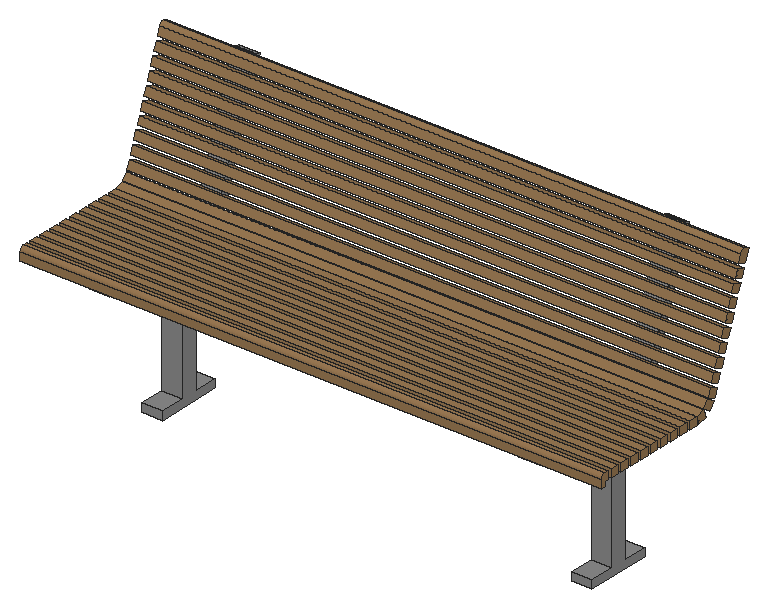
Revit family
Parameters (values of type "1800mm")
  Material Seat = Wood - Teak
  Length = 1800 mm
  Material Frame = Metal - Paint Finish - Dark Gray, Matte
  Keynote = "Q"
Types (3, lengths in mm): name | Length
  (no name) | 1800
  1800mm | 1800
  2400mm | 2400
Reference planes
  plane 1 "Center (Front/Back)": y = 0
  plane 2: z = 0
  plane 3 "Center (Left/Right)": x = 0
  plane 4: x = -900
  plane 5: x = 900
  plane 6: y = 304.8
  plane 7: y = -304.8
  plane 8: z = 457.2
  plane 9: z = 914.4
  plane 10: x = 696.8
  plane 11: x = -696.8
Forms (mm)
  Extrusion 1, solid, material "Metal - Paint Finish - Dark Gray, Matte" <- "Material Frame"
    sketch origin (0, 0, 0) x (0, 1, 0) y (0, 0, 1)
      loop
        line (-101.6, 0) -> (101.6, 0) -> (101.6, 25.4) -> (25.4, 25.4) -> (25.4, 431.8) -> (57.137, 431.8)
        arc (57.137, 431.8) -> (108.128, 447.877) -> (140.675, 490.294) r 88.9
        line (140.675, 490.294) -> (273.152, 854.272) -> (261.218, 858.616)
        arc (261.218, 858.616) -> (251.507, 858.192) -> (244.941, 851.025) r 12.7
        line (244.941, 851.025) -> (116.807, 498.982)
        arc (116.807, 498.982) -> (93.559, 468.684) -> (57.137, 457.2) r 63.5
        line (57.137, 457.2) -> (-304.8, 457.2) -> (-304.8, 431.8) -> (-25.4, 431.8) -> (-25.4, 25.4) -> (-101.6, 25.4) -> (-101.6, 0)
    from -696.8 to -632.908
  Extrusion 2, solid, material "Metal - Paint Finish - Dark Gray, Matte" <- "Material Frame"
    sketch origin (-4.401, 0, 0) x (0, 1, 0) y (0, 0, 1)
      loop
        line (-101.6, 0) -> (101.6, 0) -> (101.6, 25.4) -> (25.4, 25.4) -> (25.4, 431.8) -> (57.137, 431.8)
        arc (57.137, 431.8) -> (108.128, 447.877) -> (140.675, 490.294) r 88.9
        line (140.675, 490.294) -> (273.152, 854.272) -> (261.218, 858.616)
        arc (261.218, 858.616) -> (251.507, 858.192) -> (244.941, 851.025) r 12.7
        line (244.941, 851.025) -> (116.807, 498.982)
        arc (116.807, 498.982) -> (93.559, 468.684) -> (57.137, 457.2) r 63.5
        line (57.137, 457.2) -> (-304.8, 457.2) -> (-304.8, 431.8) -> (-25.4, 431.8) -> (-25.4, 25.4) -> (-101.6, 25.4) -> (-101.6, 0)
    from 638.374 to 701.201
  Extrusion 3, solid, material "Wood - Teak" <- "Material Seat"
    sketch origin (0, 0, 0) x (0, 1, 0) y (0, 0, 1)
      loop
        line (-255.434, 457.2) -> (-255.434, 482.6) -> (-280.834, 482.6) -> (-280.834, 457.2) -> (-255.434, 457.2)
      loop
        line (-217.334, 457.2) -> (-217.334, 482.6) -> (-242.734, 482.6) -> (-242.734, 457.2) -> (-217.334, 457.2)
      loop
        line (-179.234, 457.2) -> (-179.234, 482.6) -> (-204.634, 482.6) -> (-204.634, 457.2) -> (-179.234, 457.2)
      loop
        line (-141.134, 457.2) -> (-141.134, 482.6) -> (-166.534, 482.6) -> (-166.534, 457.2) -> (-141.134, 457.2)
      loop
        line (-103.034, 457.2) -> (-103.034, 482.6) -> (-128.434, 482.6) -> (-128.434, 457.2) -> (-103.034, 457.2)
      loop
        line (-64.934, 457.2) -> (-64.934, 482.6) -> (-90.334, 482.6) -> (-90.334, 457.2) -> (-64.934, 457.2)
      loop
        line (-26.834, 457.2) -> (-26.834, 482.6) -> (-52.234, 482.6) -> (-52.234, 457.2) -> (-26.834, 457.2)
      loop
        line (11.266, 457.2) -> (11.266, 482.6) -> (-14.134, 482.6) -> (-14.134, 457.2) -> (11.266, 457.2)
      loop
        line (49.366, 457.2) -> (49.366, 482.6) -> (23.966, 482.6) -> (23.966, 457.2) -> (49.366, 457.2)
      loop
        line (-293.534, 457.2) -> (-293.534, 482.6) -> (-304.646, 482.6)
        arc (-304.646, 482.6) -> (-314.749, 478.415) -> (-318.934, 468.313) r 14.288
        line (-318.934, 468.313) -> (-318.934, 444.5) -> (-304.8, 444.5) -> (-304.8, 457.2) -> (-293.534, 457.2)
      loop
        line (145.142, 576.831) -> (153.829, 600.699) -> (129.961, 609.386) -> (121.274, 585.518) -> (145.142, 576.831)
      loop
        line (158.173, 612.633) -> (166.86, 636.501) -> (142.992, 645.189) -> (134.305, 621.32) -> (158.173, 612.633)
      loop
        line (119.08, 505.226) -> (127.767, 529.094) -> (103.899, 537.782) -> (95.212, 513.914) -> (119.08, 505.226)
      loop
        line (132.111, 541.029) -> (140.798, 564.897) -> (116.93, 573.584) -> (108.243, 549.716) -> (132.111, 541.029)
      loop
        line (197.266, 720.04) -> (205.953, 743.908) -> (182.085, 752.595) -> (173.398, 728.727) -> (197.266, 720.04)
      loop
        line (210.297, 755.842) -> (218.984, 779.71) -> (195.116, 788.398) -> (186.429, 764.53) -> (210.297, 755.842)
      loop
        line (171.204, 648.435) -> (179.891, 672.304) -> (156.023, 680.991) -> (147.336, 657.123) -> (171.204, 648.435)
      loop
        line (184.235, 684.238) -> (192.922, 708.106) -> (169.054, 716.793) -> (160.367, 692.925) -> (184.235, 684.238)
      loop
        line (223.328, 791.645) -> (232.015, 815.513) -> (208.147, 824.2) -> (199.46, 800.332) -> (223.328, 791.645)
      loop
        line (236.359, 827.447) -> (249.39, 863.249) -> (237.456, 867.593)
        arc (237.456, 867.593) -> (227.745, 867.169) -> (221.178, 860.002) r 12.7
        line (221.178, 860.002) -> (212.491, 836.134) -> (236.359, 827.447)
      loop
        line (99.592, 476.158) -> (114.161, 496.964) -> (93.354, 511.533) -> (78.786, 490.727) -> (99.592, 476.158)
      loop
        line (59.082, 457.23) -> (83.616, 463.804) -> (77.042, 488.338) -> (52.508, 481.764) -> (59.082, 457.23)
    from -900 to 900
Lines and regions (mm)
  symbolic lines, style "Site Accessories"
    curve 1: line (-900, -304.646, 0) -> (900, -304.646, 0)
    curve 2: line (-900, 304.8, 0) -> (-900, -304.646, 0)
    curve 3: line (900, 304.8, 0) -> (-900, 304.8, 0)
    curve 4: line (900, -304.646, 0) -> (900, 304.8, 0)
    curve 5: line (-900, 153.829, 0) -> (900, 153.829, 0)
